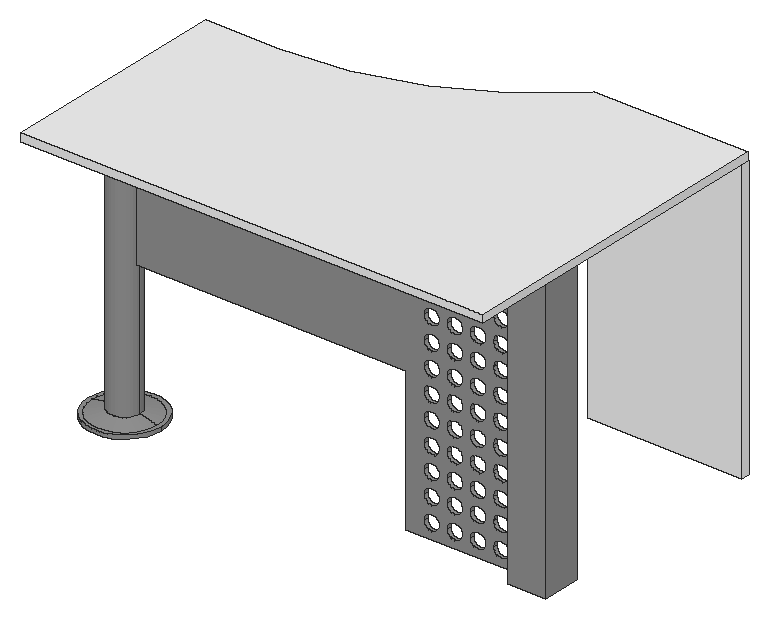
Revit family
Reference planes
  plane 1 "Center (Front/Back)": y = 0
  plane 2: z = 0
  plane 3 "Center (Left/Right)": x = 0
Forms (mm)
  Extrusion 1, solid, material "0 madeira 6"
    sketch origin (-5739.911, -3711.199, 0) x (1, 0, 0) y (0, 1, 0)
      loop
        arc (5929.368, 4215.817) -> (5650.917, 4023.528) -> (5319.368, 3955.817) r 845.577
        line (5319.368, 3955.817) -> (5129.368, 3955.817) -> (5129.368, 3355.817) -> (6329.368, 3355.817) -> (6329.368, 4215.817) -> (5929.368, 4215.817)
    from 730 to 750
  Extrusion 2, solid, material "0 placa metal 2"
    sketch origin (-5706.134, -3713.699, 0) x (1, 0, 0) y (0, 1, 0)
      loop
        circle (5157.891, 3618.605) r 40
    from 20 to 730
  Extrusion 3, solid, material "0 placa metal 2"
    sketch origin (-5706.134, -3711.199, 0) x (1, 0, 0) y (0, 1, 0)
      loop
        circle (5158.126, 3616.288) r 95
    from 0 to 10
  Blend 4, solid, material "0 placa metal 2"
    base sketch origin (-5706.134, -3711.199, 0) x (1, 0, 0) y (0, 1, 0)
      loop
        circle (5157.312, 3615.475) r 85
    top sketch origin (-5706.134, -3711.199, 0) x (1, 0, 0) y (0, 1, 0)
      loop
        circle (5157.312, 3615.475) r 40
    from 10 to 20
  Extrusion 5, solid, material "0 placa metal 2"
    sketch origin (-610.543, -105.382, 0) x (1, 0, 0) y (0, 0, -1)
      loop
        line (1100, -730) -> (1100, 0) -> (800, 0) -> (800, -370) -> (102.26, -370) -> (102.26, -730) -> (1100, -730)
    from 0 to 10
  Extrusion 6, solid, material "0 placa metal 2"
    sketch origin (-610.543, -150.382, 0) x (1, 0, 0) y (0, 0, -1)
      loop
        line (1100, 0) -> (1100, -730) -> (1200, -730) -> (1200, 0) -> (1100, 0)
    from 0 to 100
  Extrusion 7, solid, material "0 madeira 6"
    sketch origin (-5739.911, -4051.199, 0) x (1, 0, 0) y (0, 1, 0)
      loop
        line (5929.368, 4555.817) -> (5929.368, 4535.817) -> (6329.368, 4535.817) -> (6329.368, 4555.817) -> (5929.368, 4555.817)
    from 0 to 730
  Extrusion 8, void
    sketch origin (-610.543, -95.382, 0) x (-1, 0, 0) y (0, 0, -1)
      loop
        circle (-1047.815, -697.942) r 20
      loop
        circle (-987.815, -697.942) r 20
      loop
        circle (-927.815, -697.942) r 20
      loop
        circle (-867.815, -697.942) r 20
      loop
        circle (-1047.815, -637.942) r 20
      loop
        circle (-987.815, -637.942) r 20
      loop
        circle (-927.815, -637.942) r 20
      loop
        circle (-867.815, -637.942) r 20
      loop
        circle (-1047.815, -577.942) r 20
      loop
        circle (-987.815, -577.942) r 20
      loop
        circle (-927.815, -577.942) r 20
      loop
        circle (-867.815, -577.942) r 20
      loop
        circle (-1047.815, -517.942) r 20
      loop
        circle (-987.815, -517.942) r 20
      loop
        circle (-927.815, -517.942) r 20
      loop
        circle (-867.815, -517.942) r 20
      loop
        circle (-1047.815, -457.942) r 20
      loop
        circle (-987.815, -457.942) r 20
      loop
        circle (-927.815, -457.942) r 20
      loop
        circle (-867.815, -457.942) r 20
      loop
        circle (-1047.815, -397.942) r 20
      loop
        circle (-987.815, -397.942) r 20
      loop
        circle (-927.815, -397.942) r 20
      loop
        circle (-867.815, -397.942) r 20
      loop
        circle (-1047.815, -337.942) r 20
      loop
        circle (-987.815, -337.942) r 20
      loop
        circle (-927.815, -337.942) r 20
      loop
        circle (-867.815, -337.942) r 20
      loop
        circle (-1047.815, -277.942) r 20
      loop
        circle (-987.815, -277.942) r 20
      loop
        circle (-927.815, -277.942) r 20
      loop
        circle (-867.815, -277.942) r 20
      loop
        circle (-1047.815, -217.942) r 20
      loop
        circle (-987.815, -217.942) r 20
      loop
        circle (-927.815, -217.942) r 20
      loop
        circle (-867.815, -217.942) r 20
      loop
        circle (-1047.815, -157.942) r 20
      loop
        circle (-987.815, -157.942) r 20
      loop
        circle (-927.815, -157.942) r 20
      loop
        circle (-867.815, -157.942) r 20
      loop
        circle (-1047.815, -100) r 20
      loop
        circle (-987.815, -100) r 20
      loop
        circle (-927.815, -100) r 20
      loop
        circle (-867.815, -100) r 20
      loop
        circle (-1047.815, -40) r 20
      loop
        circle (-987.815, -40) r 20
      loop
        circle (-927.815, -40) r 20
      loop
        circle (-867.815, -40) r 20
    from 0 to 100
Cuts and joins
  Extrusion 8 cuts Extrusion 5
